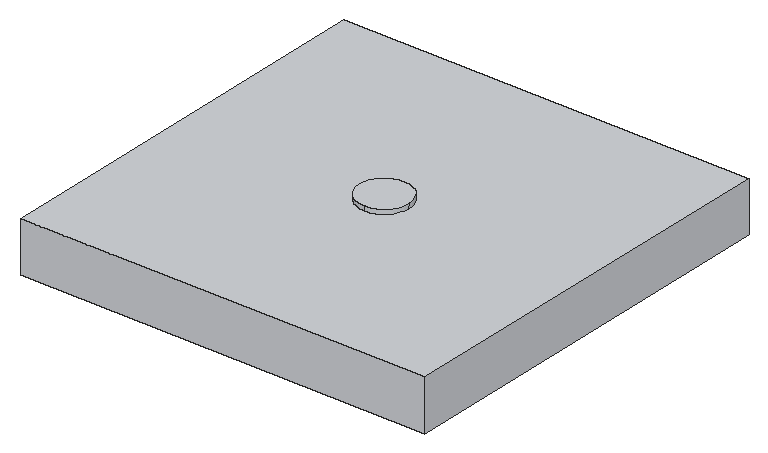
Revit family "M_Conector do duto redondo - Ar de fornecimento - Equipamento mecânico", category Equipamento mecânico, Revit 2019
Family settings
  Hospedeiro = Face
  Cota do conector redondo = Usar raio
  Tipo de parte = Normal
  Número OmniClass = 23.75.70.21.27
  Título OmniClass = Air Outlets and Inlets
  ID de item do Seek = Round Duct Connector - Supply Air - Mechanical Equipment-0000-CAN-ENU
  Corte com vazios quando carregada = Não
  Compartilhado = Não
  Ponto de cálculo do ambiente = Não
Parameters (values of type "Padrão")
  Espessura [instance] = 25 mm
  Raio [instance] = 150 mm
  Fluxo [instance] = 47.19 L/s
  Diâmetro [instance] = Raio * 2  # 300 mm
  Default Elevation = 0 mm
  Assembly Code = ""
Reference planes
  plane 1 "Centro (Frente/Trás)": y = 0
  plane 2: z = 0
  plane 3 "Centro (Esquerda/Direita)": x = 0
Forms (mm)
  Extrusion 1, solid
    sketch origin (0, 0, 0) x (1, 0, 0) y (0, 1, 0)
      loop
        line (-1219.2, 1219.2) -> (-1219.2, -1219.2) -> (1219.2, -1219.2) -> (1219.2, 1219.2) -> (-1219.2, 1219.2)
    from 0 to -304.8
  Sweep 2, solid
    path in 3D
      loop
        line (0, 0, 0) -> (0, 0, 25)
    profile "M_Duto - Redondo : Duto - Redondo" origin (0, 0, 12.5) x (0, -1, 0) y (1, 0, 0)
      loop
        arc (-150, 0) -> (-106.066, -106.066) -> (0, -150) r 150
        arc (0, -150) -> (106.066, -106.066) -> (150, 0) r 150
        arc (150, 0) -> (106.066, 106.066) -> (0, 150) r 150
        arc (0, 150) -> (-106.066, 106.066) -> (-150, 0) r 150
Lines and regions (mm)
  reference lines
    curve 1: line (0, 0, 0) -> (0, 0, 25)
  sketch lines
    curve 2: line (0, 0, 0) -> (0, 0, 25)
Dimensions and locks
  "Espessura": curve 1 to curve 1
  aligned and locked: plane 2 to Extrusion 1
  aligned and locked: level to Extrusion 1
  aligned and locked: Extrusion 1 to curve 1
  aligned and locked: curve 1 to plane 1 "Centro (Frente/Trás)"
Automatic sketch dimensions
  Extrusion 1 sketch curve to Extrusion 1 sketch curve = 2438.4 mm  (x2)
Connectors
  hvac at (0, 0, 25), driven by "Raio", driven by "Fluxo"
    settings: on Sweep 2, index 1, duct flow 47.19 L/s, flow factor 0, pres drop 0.0 Pa, loss coef 0, conn angle 0.00°, conn width 304.8 mm, conn height 304.8 mm, conn diameter 300 mm, duct sys type 1, conn prof type 0, flow config 1, flow direction 1, loss method 0, conn ref index -1, conn util no, is conn primary yes, conn desc ""
